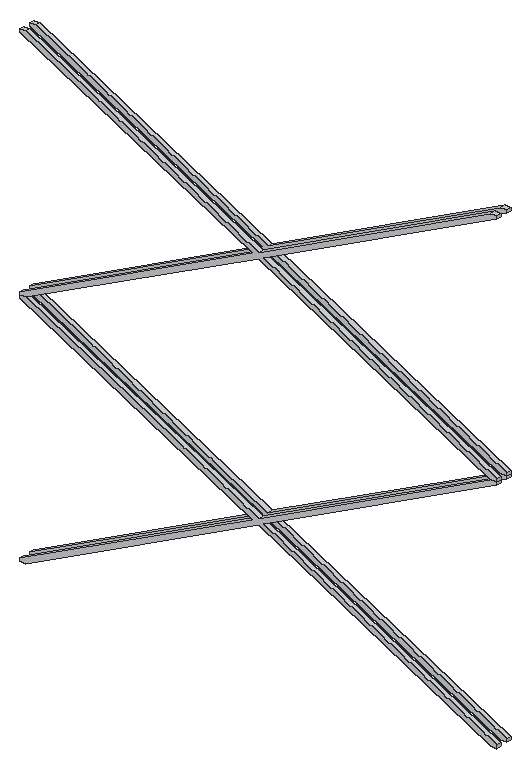
Revit family "53633b22cfd74a8facc50c636fbc203c", category Generic Models, Revit 2021
Family settings
  Can host rebar = No
  Round Connector Dimension = Use Diameter
  Part Type = Normal
  Work Plane-Based = No
  Always vertical = Yes
  Cut with Voids When Loaded = No
  Shared = Yes
  Room Calculation Point = No
Parameters
  Width [instance] = 4' - 0"
  Thickness = 0' - 0 1/2"
  Height [instance] = 4' - 0"
  Interior Material [instance] = none
  Exterior Material [instance] = none
  Distance = 0' - 0 3/4"
  Default Elevation = 0' - 0"
Reference planes (in)
  plane 1 "Center (Front/Back)": y = 0
  plane 2: z = 0
  plane 3 "Center (Left/Right)": x = 0
  plane 4: z = 48
  plane 5: x = -24
  plane 6: x = 24
  plane 7: z = 24
Dimensions and locks (in)
  equal spacing: plane 6, plane 3 "Center (Left/Right)", plane 5
  "Width": plane 6 to plane 5
  "Height": plane 4 to plane 2
  equal spacing: plane 4, plane 7, plane 2
  aligned and locked: plane 2 to level
  aligned and locked: plane 1 "Center (Front/Back)" to nested 1
  aligned and locked: plane 1 "Center (Front/Back)" to nested 2
  aligned and locked: plane 7 to nested 1
  aligned and locked: plane 4 to nested 1
  aligned and locked: plane 2 to nested 2
  aligned and locked: plane 7 to nested 2
  aligned and locked: plane 5 to nested 2
  aligned and locked: plane 5 to nested 1
  aligned and locked: plane 6 to nested 2
  aligned and locked: plane 6 to nested 1
Nested families (in)
  nested 1: "Muntin Pattern_Diamond" at (0, 0, 24), Exterior Material <- "Exterior Material", Interior Material <- "Interior Material", type "Muntin Pattern_Diamond"
    with W 4' - 0", Interior Material none, H 2' - 0", Exterior Material none
  nested 2: "Muntin Pattern_Diamond" at (0, 0, 0), Exterior Material <- "Exterior Material", Interior Material <- "Interior Material", type "Muntin Pattern_Diamond"
    with W 4' - 0", Interior Material none, H 2' - 0", Exterior Material none
Definition of nested family "Muntin Pattern_Diamond"
  Parameters (values of type "Muntin Pattern_Diamond")
    W [instance] = 4' - 0"
    Thickness = 0' - 0 1/2"
    H [instance] = 4' - 0"
    Interior Material [instance] = none
    Distance = 0' - 0 3/4"
    Exterior Material [instance] = none
    Default Elevation = 0' - 0"
  Reference planes (in)
    plane 1 "Center (Front/Back)": y = 0
    plane 2: z = 0
    plane 3 "Center (Left/Right)": x = 0
    plane 4: z = 48
    plane 5: x = -24
    plane 6: x = 24
    plane 7: z = 24
    plane 8: y = 0.375
    plane 9: y = -0.375
    plane 10: y = 0.875
    plane 11: y = -0.875
  Forms (in)
    Extrusion 1, solid, material <- "Exterior Material", detail levels fine
      sketch origin (-24, 0, 48) x (0.707107, 0, -0.707107) y (0.707107, 0, 0.707107)
        loop
          line (0, 0.25) -> (0, -0.25) -> (67.88225, -0.25) -> (67.88225, 0.25) -> (0, 0.25)
      from -0.875 to -0.375
    Extrusion 2, solid, material <- "Exterior Material", detail levels fine
      sketch origin (24, 0, 48) x (-0.707107, 0, -0.707107) y (0.707107, 0, -0.707107)
        loop
          line (67.88225, 0.25) -> (0, 0.25) -> (0, -0.25) -> (67.88225, -0.25) -> (67.88225, 0.25)
      from -0.875 to -0.375
    Extrusion 3, void
      sketch origin (0, 0, 0) x (1, 0, 0) y (0, 0, 1)
        loop
          line (-24, 48) -> (-24, 0) -> (24, 0) -> (24, 48) -> (-24, 48)
        loop
          line (-24.5, 48.5) -> (-24.5, -0.5) -> (24.5, -0.5) -> (24.5, 48.5) -> (-24.5, 48.5)
      from -0.875 to 0.875
    Extrusion 4, solid, material <- "Interior Material", detail levels fine
      sketch origin (-24, 0, 48) x (0.707107, 0, -0.707107) y (0.707107, 0, 0.707107)
        loop
          line (0, 0.25) -> (0, -0.25) -> (67.88225, -0.25) -> (67.88225, 0.25) -> (0, 0.25)
      from 0.375 to 0.875
    Extrusion 5, solid, material <- "Interior Material", detail levels fine
      sketch origin (24, 0, 48) x (-0.707107, 0, -0.707107) y (0.707107, 0, -0.707107)
        loop
          line (0, -0.25) -> (67.88225, -0.25) -> (67.88225, 0.25) -> (0, 0.25) -> (0, -0.25)
      from 0.375 to 0.875
  Cuts and joins
    Extrusion 3 cuts Extrusion 1
    Extrusion 3 cuts Extrusion 2
    joined: Extrusion 1, Extrusion 2
    Extrusion 3 cuts Extrusion 4
    Extrusion 3 cuts Extrusion 5
    joined: Extrusion 4, Extrusion 5
  Lines and regions (in)
    reference lines
      curve 1: line (-24, 0, 48) -> (24, 0, 0)
      curve 2: line (24, 0, 48) -> (-24, 0, 0)
      curve 3: line (-24, 0, 48) -> (-17.98959, 0, 54.01041)
      curve 4: line (24, 0, 0) -> (31.6014, 0, 7.6014)
      curve 5: line (-21.20495, 0, 44.8514) -> (16.78122, 0, 6.86522)
      curve 6: line (-20.8514, 0, 45.20495) -> (17.13478, 0, 7.21878)
      curve 7: line (24, 0, 48) -> (18.87348, 0, 53.12652)
      curve 8: line (-24, 0, 0) -> (-28.24264, 0, 4.24264)
      curve 9: line (-23.82322, 0, -0.17678) -> (22.31549, 0, 45.96194)
      curve 10: line (-24.17678, 0, 0.17678) -> (21.96194, 0, 46.31549)
    model lines, detail levels medium
      curve 11: line (24, 0.375, 0) -> (-24, 0.375, 48)
      curve 12: line (24, 0.375, 48) -> (-24, 0.375, 0)
      curve 13: line (24, -0.375, 0) -> (-24, -0.375, 48)
      curve 14: line (24, -0.375, 48) -> (-24, -0.375, 0)
  Dimensions and locks (in)
    equal spacing: plane 6, plane 3 "Center (Left/Right)", plane 5
    "W": plane 6 to plane 5
    "H": plane 4 to plane 2
    equal spacing: plane 4, plane 7, plane 2
    equal spacing: curve 5, curve 1, curve 6
    "Thickness": curve 5 to curve 6
    equal spacing: curve 9, curve 2, curve 10
    "Thickness": curve 9 to curve 10
    "Thickness": Extrusion 3 sketch curve to plane 6
    "Thickness": plane 2 to Extrusion 3 sketch curve
    "Thickness": plane 5 to Extrusion 3 sketch curve
    "Thickness": Extrusion 3 sketch curve to plane 4
    "Distance": plane 8 to plane 9
    equal spacing: plane 8, plane 1 "Center (Front/Back)", plane 9
    "Thickness": plane 10 to plane 8
    "Thickness": plane 9 to plane 11
    locked: curve 1 to curve 3 (angle 90.00°)
    locked: curve 4 to curve 1 (angle 90.00°)
    locked: curve 7 to curve 2 (angle 90.00°)
    locked: curve 2 to curve 8 (angle 90.00°)
    aligned and locked: plane 2 to level
    aligned and locked: plane 4 to curve 1
    aligned and locked: plane 5 to curve 1
    aligned and locked: plane 2 to curve 2
    aligned and locked: plane 5 to curve 2
    aligned and locked: plane 6 to curve 1
    aligned and locked: plane 2 to curve 1
    aligned and locked: plane 6 to curve 2
    aligned and locked: plane 4 to curve 2
    aligned and locked: plane 4 to curve 3
    aligned and locked: plane 5 to curve 3
    aligned and locked: plane 6 to curve 4
    aligned and locked: plane 2 to curve 4
    aligned and locked: Extrusion 1 sketch curve to curve 5
    aligned and locked: Extrusion 1 sketch curve to curve 3
    aligned and locked: Extrusion 1 sketch curve to curve 6
    aligned and locked: curve 6 to Extrusion 1 sketch curve
    aligned and locked: curve 5 to Extrusion 1 sketch curve
    aligned and locked: Extrusion 1 sketch curve to curve 4
    aligned and locked: curve 4 to Extrusion 1 sketch curve
    aligned and locked: plane 5 to curve 8
    aligned and locked: plane 2 to curve 8
    aligned and locked: plane 6 to curve 7
    aligned and locked: plane 4 to curve 7
    aligned and locked: Extrusion 2 sketch curve to curve 10  (x2)
    aligned and locked: Extrusion 2 sketch curve to curve 8  (x2)
    aligned and locked: curve 9 to Extrusion 2 sketch curve  (x2)
    aligned and locked: curve 7 to Extrusion 2 sketch curve
    aligned and locked: plane 5 to Extrusion 3 sketch curve
    aligned and locked: Extrusion 3 sketch curve to plane 4
    aligned and locked: Extrusion 3 sketch curve to plane 6
    aligned and locked: plane 2 to Extrusion 3 sketch curve
    aligned and locked: plane 10 to cut or joined group of Extrusion 1, Extrusion 2, Extrusion 3  (x2)
    aligned and locked: cut or joined group of Extrusion 1, Extrusion 2, Extrusion 3 to plane 8  (x2)
    aligned and locked: plane 10 to Extrusion 3
    aligned and locked: Extrusion 3 to plane 11
    aligned and locked: curve 3 to Extrusion 4 sketch curve
    aligned and locked: Extrusion 4 sketch curve to curve 3
    aligned and locked: Extrusion 4 sketch curve to curve 6
    aligned and locked: Extrusion 4 sketch curve to curve 5
    aligned and locked: Extrusion 4 sketch curve to curve 4
    aligned and locked: curve 6 to Extrusion 4 sketch curve
    aligned and locked: curve 5 to Extrusion 4 sketch curve
    aligned and locked: Extrusion 5 sketch curve to curve 9
    aligned and locked: Extrusion 5 sketch curve to curve 10
    aligned and locked: Extrusion 5 sketch curve to curve 7  (x2)
    aligned and locked: Extrusion 5 sketch curve to curve 8  (x2)
    aligned and locked: curve 9 to Extrusion 5 sketch curve
    aligned and locked: curve 10 to Extrusion 5 sketch curve
    aligned and locked: Extrusion 4 to plane 11
    aligned and locked: Extrusion 5 to plane 11
    aligned and locked: plane 9 to Extrusion 4
    aligned and locked: plane 9 to Extrusion 5
    aligned and locked: plane 2 to curve 11
    aligned and locked: plane 6 to curve 11
    aligned and locked: plane 5 to curve 11
    aligned and locked: plane 4 to curve 11
    aligned and locked: plane 5 to curve 12
    aligned and locked: plane 2 to curve 12
    aligned and locked: plane 4 to curve 12
    aligned and locked: plane 6 to curve 12
    aligned and locked: plane 2 to curve 13
    aligned and locked: plane 6 to curve 13
    aligned and locked: plane 4 to curve 14
    aligned and locked: plane 6 to curve 14
    aligned and locked: plane 4 to curve 13
    aligned and locked: plane 5 to curve 13
    aligned and locked: plane 2 to curve 14
    aligned and locked: plane 5 to curve 14
  Automatic sketch dimensions
    curve 1 to curve 6 = 0' - 4.20279"
    curve 1 to curve 5 = 0' - 4.20279"
    curve 5 to curve 1 = 0' - 9.95889"
    curve 6 to curve 5 = 0' - 0"
    curve 2 to curve 9 = 0' - 0"
    curve 2 to curve 9 = 0' - 2.63225"
    curve 2 to curve 10 = 0' - 2.63225"
